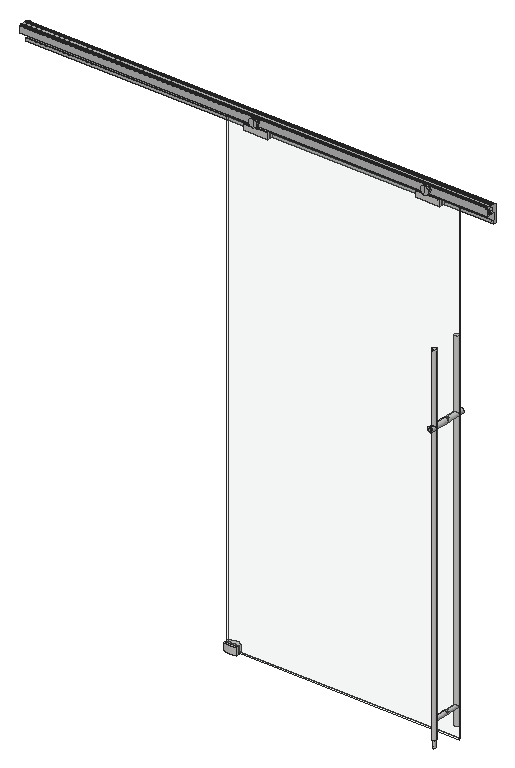
Revit family "Doors_Sliding_Avanti_Systems_Cloud-Assisted-Close-Premium-Sliding-Glass-Door_Glass-Mount-Sgl-Glazed", category Doors, Revit 2015 (continued)
Definition of nested family "Handle"
  Definition of nested family "Handle_For-Glass_Rounded_600mm"
    Reference planes (in)
      plane 4: z = 0
      plane 5: z = -2.66749
      plane 6: y = -28.44876
      plane 7: y = 14.63423
      plane 8: y = -33.36577
    Forms (in)
      Sweep 1, solid, material <- "Handle Material"
        path origin (0, -17.24158, 0) x (0, 0, 1) y (0, -1, 0)
          loop
            line (-2.10925, 11.20718) -> (0, 11.20718)
        profile origin (0, -28.44876, 0) x (0, -1, 0) y (1, 0, 0)
          loop
            circle (0, 0) r 0.3125
      Sweep 2, solid, material <- "Handle Material"
        path origin (0, 10.76459, 0) x (0, 0, 1) y (0, -1, 0)
          loop
            line (-2.30394, 1.07019) -> (0, 1.07019)
        profile origin (0, 9.69441, 0) x (0, -1, 0) y (1, 0, 0)
          loop
            circle (0, 0) r 0.3125
      Extrusion 3, solid, material <- "Handle Material"
        sketch origin (0, -17.24158, 0) x (1, 0, 0) y (0, 0, -1)
          loop
            circle (0, 2.27257) r 0.39445
        from -16.12419 to 31.87581
    Dimensions and locks (in)
      locked: plane 8 to plane 6 at 4.91701
      "Handle Height": plane 7 to plane 8
      aligned and locked: plane 7 to Extrusion 3
      aligned and locked: Extrusion 3 to plane 8
  Definition of nested family "Handle_For-Glass_Rounded_60in"
    Parameters (values of type "60"")
      No locker [instance] = yes
      Locker [instance] = yes
      Handle Material [instance] = none
      Handle Height [instance] = 60"  # constant formula
    Reference planes (in)
      plane 1 "Center (Front/Back)": y = 0
      plane 2: z = 19.87581
      plane 3 "Center (Left/Right)": x = 0
      plane 4: z = 2.66749
      plane 5: y = -36.97039
      plane 6: z = 0
      plane 7: y = 20.02961
      plane 8: y = -39.97039
    Forms (in)
      Sweep 1, solid, material <- "Handle Material"
        path origin (0, -11.8462, 0) x (0, 0, -1) y (0, 1, 0)
          loop
            line (-2.10925, -25.12419) -> (0, -25.12419)
        profile origin (0, -36.97039, 0) x (1, 0, 0) y (0, 1, 0)
          loop
            circle (0, 0) r 0.3125
      Sweep 2, solid, material <- "Handle Material"
        path origin (0, 16.15997, 0) x (0, 0, -1) y (0, 1, 0)
          loop
            line (-3.10757, -8.13036) -> (0, -8.13036)
        profile origin (0, 8.02961, 0) x (1, 0, 0) y (0, 1, 0)
          loop
            circle (0, 0) r 0.4375
      Extrusion 3, solid, material <- "Handle Material"
        sketch origin (0, -11.8462, 0) x (1, 0, 0) y (0, 0, -1)
          loop
            circle (0, -2.27257) r 0.39445
        from -28.12419 to 31.87581
      Revolve 4, solid, material <- "Handle Material"
        sketch origin (0, -11.8462, 0) x (0, 0, -1) y (0, 1, 0)
          loop
            line (-3.10757, 20.0489) -> (-3.19084, 20.0489) -> (-3.19084, 19.87581) -> (-3.10757, 19.87581) -> (-3.10757, 20.0489)
          axis (-3.10757, 19.87581) -> (-3.19084, 19.87581)
        angle from 0 to 360
      Extrusion 5, solid, material <- "Handle Material", visible <- "Locker"
        sketch origin (0, -11.8462, 0) x (0, 0, -1) y (0, 1, 0)
          loop
            line (-3.19084, 19.98905) -> (-3.34908, 19.98905)
            arc (-3.34908, 19.98905) -> (-3.37904, 19.97664) -> (-3.39145, 19.94668) r 0.04237
            line (-3.39145, 19.94668) -> (-3.39145, 19.80495)
            arc (-3.39145, 19.80495) -> (-3.37904, 19.77499) -> (-3.34908, 19.76258) r 0.04237
            line (-3.34908, 19.76258) -> (-3.19084, 19.76258) -> (-3.19084, 19.98905)
        from -0.03592 to 0.03621
      Revolve 6, solid, material <- "Handle Material", visible <- "No locker"
        sketch origin (0, -11.62359, 0) x (0, 0, -1) y (0, 1, 0)
          loop
            line (-3.10757, 20.0489) -> (-3.20833, 20.0489) -> (-3.20833, 19.87581) -> (-3.10757, 19.87581) -> (-3.10757, 20.0489)
          axis (-3.10757, 19.87581) -> (-3.20833, 19.87581)
        angle from 0 to 360
      Revolve 7, solid, material <- "Handle Material", visible <- "Locker"
        sketch origin (0, -11.8462, 0) x (0, 0, -1) y (0, 1, 0)
          loop
            line (-2.27257, -28.12419) -> (-2.50833, -28.12419) -> (-2.50833, -29.32199) -> (-2.41048, -29.49919) -> (-2.27257, -29.49919) -> (-2.27257, -28.12419)
          axis (-2.27257, -28.12419) -> (-2.27257, -29.49919)
        angle from 0 to 360
    Lines and regions (in)
      reference lines
        curve 1: line (0, -40.47039, 2.66749) -> (0, -40.47039, 0)
    Dimensions and locks (in)
      locked: plane 8 to plane 5 at 3
      "Handle Height": plane 7 to plane 8
      aligned and locked: Extrusion 3 to plane 7
      aligned and locked: Extrusion 3 to plane 8
      aligned and locked: Sweep 1 sketch curve to plane 5
  Definition of nested family "Handle_For-Glass_Rounded_60in2"
    Parameters (values of type "60"")
      No locker [instance] = yes
      Locker [instance] = yes
      Handle Material [instance] = none
      Handle Height [instance] = 60"  # constant formula
    Reference planes (in)
      plane 1 "Center (Front/Back)": y = 0
      plane 2: z = 19.87581
      plane 3 "Center (Left/Right)": x = 0
      plane 4: y = -36.97039
      plane 5: z = 0
      plane 6: y = 20.02961
      plane 7: y = -39.97039
      plane 8: z = -2.66749
    Forms (in)
      Sweep 1, solid, material <- "Handle Material"
        path origin (0, -11.8462, 0) x (0, 0, 1) y (0, 1, 0)
          loop
            line (-2.10925, -25.12419) -> (0, -25.12419)
        profile origin (0, -36.97039, 0) x (0, -1, 0) y (1, 0, 0)
          loop
            circle (0, 0) r 0.3125
      Sweep 2, solid, material <- "Handle Material"
        path origin (0, 16.15997, 0) x (0, 0, 1) y (0, 1, 0)
          loop
            line (-3.10757, -8.13036) -> (0, -8.13036)
        profile origin (0, 8.02961, 0) x (0, -1, 0) y (1, 0, 0)
          loop
            circle (0, 0) r 0.4375
      Extrusion 3, solid, material <- "Handle Material"
        sketch origin (0, -11.8462, 0) x (1, 0, 0) y (0, 0, -1)
          loop
            circle (0, 2.27257) r 0.39445
        from -28.12419 to 31.87581
      Revolve 4, solid, material <- "Handle Material"
        sketch origin (0, -11.8462, 0) x (0, 0, 1) y (0, 1, 0)
          loop
            line (-3.10757, 20.0489) -> (-3.19084, 20.0489) -> (-3.19084, 19.87581) -> (-3.10757, 19.87581) -> (-3.10757, 20.0489)
          axis (-3.10757, 19.87581) -> (-3.19084, 19.87581)
        angle from 0 to 360
      Extrusion 5, solid, material <- "Handle Material", visible <- "Locker"
        sketch origin (0, -11.8462, 0) x (0, 0, 1) y (0, -1, 0)
          loop
            line (-3.19084, -19.98905) -> (-3.19084, -19.76258) -> (-3.34908, -19.76258)
            arc (-3.34908, -19.76258) -> (-3.37904, -19.77499) -> (-3.39145, -19.80495) r 0.04237
            line (-3.39145, -19.80495) -> (-3.39145, -19.94668)
            arc (-3.39145, -19.94668) -> (-3.37904, -19.97664) -> (-3.34908, -19.98905) r 0.04237
            line (-3.34908, -19.98905) -> (-3.19084, -19.98905)
        from -0.03592 to 0.03621
      Revolve 6, solid, material <- "Handle Material", visible <- "No locker"
        sketch origin (0, -11.62359, 0) x (0, 0, 1) y (0, 1, 0)
          loop
            line (-3.10757, 20.0489) -> (-3.20833, 20.0489) -> (-3.20833, 19.87581) -> (-3.10757, 19.87581) -> (-3.10757, 20.0489)
          axis (-3.10757, 19.87581) -> (-3.20833, 19.87581)
        angle from 0 to 360
      Revolve 7, solid, material <- "Handle Material", visible <- "Locker"
        sketch origin (0, -11.8462, 0) x (0, 0, 1) y (0, 1, 0)
          loop
            line (-2.27257, -28.12419) -> (-2.50833, -28.12419) -> (-2.50833, -29.32199) -> (-2.41048, -29.49919) -> (-2.27257, -29.49919) -> (-2.27257, -28.12419)
          axis (-2.27257, -28.12419) -> (-2.27257, -29.49919)
        angle from 0 to 360
    Lines and regions (in)
      reference lines
        curve 1: line (0, -40.47039, -2.66749) -> (0, -40.47039, 0)
    Dimensions and locks (in)
      locked: plane 7 to plane 4 at 3
      "Handle Height": plane 6 to plane 7
Definition of nested family "Trolley"
  Parameters (values of type "Family9")
    Thickness = 1/2"
    Side Width = (211/256" - Thickness) / 2  # 0.16211"
  Reference planes (in)
    plane 1 "Center (Front/Back)": y = 0
    plane 2: z = 0
    plane 3 "Center (Left/Right)": x = 0
    plane 4: x = -0.04013
  Lines and regions (in)
    model lines, in view "Ref. Level"
      curve 1: arc (-0.2825, 0.12022, 0) -> (-0.28668, 0.12104, 0) -> (-0.29068, 0.11957, 0) r 0.00786
      curve 2: arc (-0.33049, 0.09064, 0) -> (-0.32538, 0.08057, 0) -> (-0.32836, 0.06967, 0) r 0.0157
      curve 3: arc (-0.32836, 0.06967, 0) -> (-0.33789, 0.0636, 0) -> (-0.34903, 0.0655, 0) r 0.0157
      curve 4: arc (-0.34903, 0.0655, 0) -> (-0.356, 0.07439, 0) -> (-0.3552, 0.08566, 0) r 0.01571
      curve 5: arc (-0.313, 0.99934, 0) -> (-0.30945, 0.99723, 0) -> (-0.30532, 0.99722, 0) r 0.00782
      curve 6: arc (-0.26743, 1.00737, 0) -> (-0.26114, 1.01157, 0) -> (-0.2587, 1.01873, 0) r 0.01177
      curve 7: arc (-0.2587, 1.02833, 0) -> (-0.2596, 1.03284, 0) -> (-0.26215, 1.03666, 0) r 0.01176
      curve 8: arc (-0.26215, 1.03666, 0) -> (-0.26597, 1.03921, 0) -> (-0.27048, 1.04011, 0) r 0.01176
      curve 9: arc (-0.28547, 1.04011, 0) -> (-0.28908, 1.04098, 0) -> (-0.29188, 1.04342, 0) r 0.00785
      curve 10: arc (-0.29188, 1.04342, 0) -> (-0.29324, 1.04687, 0) -> (-0.29287, 1.05056, 0) r 0.00788
      curve 11: arc (-0.26794, 1.12119, 0) -> (-0.26078, 1.13066, 0) -> (-0.24946, 1.13426, 0) r 0.01959
      curve 12: arc (0.16445, 1.13426, 0) -> (0.17577, 1.13066, 0) -> (0.18294, 1.12119, 0) r 0.0196
      curve 13: arc (0.20786, 1.05057, 0) -> (0.20823, 1.04687, 0) -> (0.20686, 1.04342, 0) r 0.00784
      curve 14: arc (0.20686, 1.04342, 0) -> (0.20406, 1.04098, 0) -> (0.20046, 1.04011, 0) r 0.00781
      curve 15: arc (0.18546, 1.04011, 0) -> (0.18096, 1.03921, 0) -> (0.17715, 1.03666, 0) r 0.01173
      curve 16: arc (0.17715, 1.03666, 0) -> (0.1746, 1.03284, 0) -> (0.1737, 1.02833, 0) r 0.01176
      curve 17: arc (0.1737, 1.01873, 0) -> (0.17613, 1.01157, 0) -> (0.18243, 1.00737, 0) r 0.01177
      curve 18: arc (0.22032, 0.99722, 0) -> (0.22444, 0.99723, 0) -> (0.22799, 0.99933, 0) r 0.00782
      curve 19: arc (0.52132, 0.21601, 0) -> (0.49404, 0.21155, 0) -> (0.4718, 0.19513, 0) r 0.05889
      curve 20: arc (0.27018, 0.08566, 0) -> (0.271, 0.07439, 0) -> (0.26403, 0.0655, 0) r 0.01569
      curve 21: arc (0.26403, 0.0655, 0) -> (0.25289, 0.0636, 0) -> (0.24336, 0.06967, 0) r 0.0157
      curve 22: arc (0.24336, 0.06967, 0) -> (0.24038, 0.08057, 0) -> (0.24549, 0.09064, 0) r 0.0157
      curve 23: arc (0.20568, 0.11957, 0) -> (0.20168, 0.12104, 0) -> (0.1975, 0.12022, 0) r 0.00786
      curve 24: arc (0.1975, 0.12022, 0) -> (0.19438, 0.11732, 0) -> (0.19322, 0.11322, 0) r 0.00786
      curve 25: arc (0.58274, 0.02928, 0) -> (0.59239, 0.03476, 0) -> (0.60342, 0.03597, 0) r 0.02744
      curve 26: arc (0.60342, 0.03597, 0) -> (0.61403, 0.03272, 0) -> (0.62249, 0.02554, 0) r 0.02742
      curve 27: arc (-0.57127, 1.12367, 0) -> (-0.58582, 1.12454, 0) -> (-0.59686, 1.13406, 0) r 0.02276
      curve 28: arc (-0.60372, 1.14568, 0) -> (-0.61799, 1.15798, 0) -> (-0.6368, 1.1591, 0) r 0.02941
      curve 29: arc (-0.6368, 1.1591, 0) -> (-0.65243, 1.14858, 0) -> (-0.65847, 1.13073, 0) r 0.0294
      curve 30: arc (-0.65847, 0.03882, 0) -> (-0.65411, 0.02544, 0) -> (-0.64271, 0.01718, 0) r 0.02273
      curve 31: arc (-0.64271, 0.01718, 0) -> (-0.62862, 0.01722, 0) -> (-0.61725, 0.02554, 0) r 0.02277
      curve 32: arc (-0.61725, 0.02554, 0) -> (-0.6088, 0.03272, 0) -> (-0.59819, 0.03597, 0) r 0.0274
      curve 33: arc (-0.59819, 0.03597, 0) -> (-0.58715, 0.03476, 0) -> (-0.5775, 0.02927, 0) r 0.02746
      curve 34: arc (-0.27831, 0.11205, 0) -> (-0.27909, 0.11681, 0) -> (-0.2825, 0.12022, 0) r 0.00786
      curve 35: arc (0.55629, 1.27597, 0) -> (0.55247, 1.27852, 0) -> (0.54796, 1.27942, 0) r 0.01177
      curve 36: arc (0.51266, 1.27942, 0) -> (0.50815, 1.27852, 0) -> (0.50433, 1.27597, 0) r 0.01178
      curve 37: arc (0.50433, 1.27597, 0) -> (0.50178, 1.27215, 0) -> (0.50088, 1.26764, 0) r 0.01177
      curve 38: arc (0.50088, 1.09535, 0) -> (0.50004, 1.09182, 0) -> (0.49771, 1.08905, 0) r 0.00784
      curve 39: arc (0.49771, 1.08905, 0) -> (0.49437, 1.08761, 0) -> (0.49075, 1.08785, 0) r 0.0078
      curve 40: arc (0.26301, 1.27156, 0) -> (0.25872, 1.27725, 0) -> (0.25192, 1.27942, 0) r 0.01175
      curve 41: arc (0.23097, 1.27942, 0) -> (0.22336, 1.27664, 0) -> (0.21935, 1.2696, 0) r 0.01178
      curve 42: arc (0.21935, 1.2696, 0) -> (0.21534, 1.26258, 0) -> (0.20775, 1.2598, 0) r 0.01176
      curve 43: arc (0.06735, 1.2598, 0) -> (0.05975, 1.26258, 0) -> (0.05574, 1.26962, 0) r 0.01178
      curve 44: arc (0.05574, 1.26962, 0) -> (0.05173, 1.27664, 0) -> (0.04414, 1.27942, 0) r 0.01176
      curve 45: arc (-0.12881, 1.27942, 0) -> (-0.13332, 1.27852, 0) -> (-0.13714, 1.27597, 0) r 0.01178
      curve 46: arc (-0.13714, 1.27597, 0) -> (-0.13969, 1.27214, 0) -> (-0.14058, 1.26764, 0) r 0.01181
      curve 47: arc (-0.48495, 1.0705, 0) -> (-0.48884, 1.07003, 0) -> (-0.49247, 1.0715, 0) r 0.00786
      curve 48: arc (-0.49247, 1.0715, 0) -> (-0.49481, 1.07427, 0) -> (-0.49565, 1.0778, 0) r 0.00782
      curve 49: arc (-0.49565, 1.26764, 0) -> (-0.49655, 1.27215, 0) -> (-0.49911, 1.27597, 0) r 0.01177
      curve 50: arc (-0.49911, 1.27597, 0) -> (-0.50292, 1.27852, 0) -> (-0.50743, 1.27942, 0) r 0.01176
      curve 51: arc (-0.54273, 1.27942, 0) -> (-0.54724, 1.27852, 0) -> (-0.55106, 1.27597, 0) r 0.01178
      curve 52: arc (-0.55106, 1.27597, 0) -> (-0.55361, 1.27215, 0) -> (-0.55451, 1.26764, 0) r 0.0118
      curve 53: arc (-0.55451, 1.14563, 0) -> (-0.55918, 1.13182, 0) -> (-0.57127, 1.12367, 0) r 0.02275
      curve 54: arc (-0.14058, 1.25588, 0) -> (-0.14403, 1.24755, 0) -> (-0.15236, 1.2441, 0) r 0.01178
      curve 55: arc (-0.24652, 1.2441, 0) -> (-0.25102, 1.245, 0) -> (-0.25484, 1.24755, 0) r 0.01176
      curve 56: arc (-0.25484, 1.24755, 0) -> (-0.2574, 1.25137, 0) -> (-0.25829, 1.25588, 0) r 0.01178
      curve 57: arc (-0.25829, 1.26764, 0) -> (-0.25919, 1.27215, 0) -> (-0.26174, 1.27597, 0) r 0.0118
      curve 58: arc (-0.26174, 1.27597, 0) -> (-0.26556, 1.27852, 0) -> (-0.27007, 1.27942, 0) r 0.01178
      curve 59: arc (-0.29116, 1.27942, 0) -> (-0.29796, 1.27726, 0) -> (-0.30226, 1.27156, 0) r 0.01176
      curve 60: arc (0.55629, 1.27597, 0) -> (0.55885, 1.27215, 0) -> (0.55974, 1.26764, 0) r 0.01177
      curve 61: arc (0.55974, 1.14562, 0) -> (0.56441, 1.13181, 0) -> (0.5765, 1.12367, 0) r 0.02274
      curve 62: arc (0.5765, 1.12367, 0) -> (0.59105, 1.12454, 0) -> (0.60208, 1.13406, 0) r 0.02275
      curve 63: arc (0.60894, 1.14568, 0) -> (0.62322, 1.15798, 0) -> (0.64204, 1.1591, 0) r 0.02941
      curve 64: arc (0.64204, 1.1591, 0) -> (0.65767, 1.14858, 0) -> (0.66371, 1.13072, 0) r 0.02941
      curve 65: arc (0.66371, 0.03884, 0) -> (0.65935, 0.02544, 0) -> (0.64793, 0.01718, 0) r 0.02274
      curve 66: arc (0.64793, 0.01718, 0) -> (0.63385, 0.01722, 0) -> (0.62249, 0.02554, 0) r 0.02275
      curve 67: line (-0.29068, 0.11957, 0) -> (-0.33049, 0.09064, 0)
      curve 68: line (-0.3552, 0.08566, 0) -> (-0.49989, 0.12715, 0)
      curve 69: line (-0.49989, 0.12715, 0) -> (-0.58001, 0.22263, 0)
      curve 70: line (-0.58001, 0.22263, 0) -> (-0.58393, 0.22892, 0)
      curve 71: line (-0.58393, 0.93514, 0) -> (-0.55667, 0.9624, 0)
      curve 72: line (-0.55667, 0.9624, 0) -> (-0.341, 1.02833, 0)
      curve 73: line (-0.341, 1.02833, 0) -> (-0.313, 0.99934, 0)
      curve 74: line (-0.30532, 0.99722, 0) -> (-0.26743, 1.00737, 0)
      curve 75: line (-0.2587, 1.01873, 0) -> (-0.2587, 1.02833, 0)
      curve 76: line (-0.27048, 1.04011, 0) -> (-0.28547, 1.04011, 0)
      curve 77: line (-0.29287, 1.05056, 0) -> (-0.26794, 1.12119, 0)
      curve 78: line (-0.24946, 1.13426, 0) -> (0.16445, 1.13426, 0)
      curve 79: line (0.18294, 1.12119, 0) -> (0.20786, 1.05057, 0)
      curve 80: line (0.20046, 1.04011, 0) -> (0.18546, 1.04011, 0)
      curve 81: line (0.1737, 1.02833, 0) -> (0.1737, 1.01873, 0)
      curve 82: line (0.18243, 1.00737, 0) -> (0.22032, 0.99722, 0)
      curve 83: line (0.22799, 0.99933, 0) -> (0.25599, 1.02833, 0)
      curve 84: line (0.25599, 1.02833, 0) -> (0.47101, 0.96259, 0)
      curve 85: line (0.47101, 0.96259, 0) -> (0.50677, 0.96259, 0)
      curve 86: line (0.50677, 0.96259, 0) -> (0.53424, 0.93514, 0)
      curve 87: line (0.53424, 0.22892, 0) -> (0.52132, 0.21601, 0)
      curve 88: line (0.4718, 0.19513, 0) -> (0.41471, 0.1271, 0)
      curve 89: line (0.41471, 0.1271, 0) -> (0.27018, 0.08566, 0)
      curve 90: line (0.24549, 0.09064, 0) -> (0.20568, 0.11957, 0)
      curve 91: line (0.19322, 0.11322, 0) -> (0.19322, 0.05728, 0)
      curve 92: line (0.19322, 0.05728, 0) -> (0.26175, -0.01531, 0)
      curve 93: line (0.26175, -0.01531, 0) -> (0.53168, -0.01531, 0)
      curve 94: line (0.53168, -0.01531, 0) -> (0.58274, 0.02928, 0)
      curve 95: line (-0.59686, 1.13406, 0) -> (-0.60372, 1.14568, 0)
      curve 96: line (-0.65847, 1.19047, 0) -> (-0.65847, -0.03351, 0)
      curve 97: line (-0.5775, 0.02927, 0) -> (-0.53088, -0.01161, 0)
      curve 98: line (-0.53088, -0.01161, 0) -> (-0.34689, -0.01531, 0)
      curve 99: line (-0.34689, -0.01531, 0) -> (-0.27831, 0.05327, 0)
      curve 100: line (-0.27831, 0.05327, 0) -> (-0.27831, 0.11205, 0)
      curve 101: line (0.54796, 1.27942, 0) -> (0.51266, 1.27942, 0)
      curve 102: line (0.50088, 1.26764, 0) -> (0.50088, 1.09535, 0)
      curve 103: line (0.49075, 1.08785, 0) -> (0.30814, 1.14368, 0)
      curve 104: line (0.30814, 1.14368, 0) -> (0.26301, 1.27156, 0)
      curve 105: line (0.25192, 1.27942, 0) -> (0.23097, 1.27942, 0)
      curve 106: line (0.20775, 1.2598, 0) -> (0.06735, 1.2598, 0)
      curve 107: line (0.04414, 1.27942, 0) -> (-0.12881, 1.27942, 0)
      curve 108: line (-0.14058, 1.26764, 0) -> (-0.14058, 1.25588, 0)
      curve 109: line (-0.49565, 1.0778, 0) -> (-0.49565, 1.26764, 0)
      curve 110: line (-0.50743, 1.27942, 0) -> (-0.54273, 1.27942, 0)
      curve 111: line (-0.55451, 1.26764, 0) -> (-0.55451, 1.14563, 0)
      curve 112: line (-0.15236, 1.2441, 0) -> (-0.24652, 1.2441, 0)
      curve 113: line (-0.25829, 1.25588, 0) -> (-0.25829, 1.26764, 0)
      curve 114: line (-0.27007, 1.27942, 0) -> (-0.29116, 1.27942, 0)
      curve 115: line (-0.30226, 1.27156, 0) -> (-0.3597, 1.10877, 0)
      curve 116: line (-0.3597, 1.10877, 0) -> (-0.48495, 1.0705, 0)
      curve 117: line (0.55974, 1.26764, 0) -> (0.55974, 1.14562, 0)
      curve 118: line (0.60208, 1.13406, 0) -> (0.60894, 1.14568, 0)
      curve 119: line (0.66371, 1.13072, 0) -> (0.66371, 0.03884, 0)
      curve 120: line (0.1189, 0.97126, 0) -> (0.1189, 0.94444, 0)
      curve 121: line (0.07255, -0.06751, 0) -> (0.1028, -0.0876, 0)
      curve 122: line (0.1028, -0.0876, 0) -> (0.07707, -0.10712, 0)
      curve 123: line (0.07707, -0.10712, 0) -> (0.103, -0.12286, 0)
      curve 124: line (0.103, -0.12286, 0) -> (0.0766, -0.14279, 0)
      curve 125: line (0.0766, -0.14279, 0) -> (0.10211, -0.15841, 0)
      curve 126: line (0.10211, -0.15841, 0) -> (0.07759, -0.17634, 0)
      curve 127: line (0.07759, -0.17634, 0) -> (0.10233, -0.192, 0)
      curve 128: line (0.10233, -0.192, 0) -> (0.07822, -0.21116, 0)
      curve 129: line (0.07822, -0.21116, 0) -> (0.10275, -0.22793, 0)
      curve 130: line (0.10275, -0.22793, 0) -> (0.0781, -0.24679, 0)
      curve 131: line (0.0781, -0.24679, 0) -> (0.10256, -0.26303, 0)
      curve 132: line (0.10256, -0.26303, 0) -> (0.07682, -0.28255, 0)
      curve 133: line (0.07682, -0.28255, 0) -> (0.10275, -0.2983, 0)
      curve 134: line (0.10275, -0.2983, 0) -> (0.07634, -0.31823, 0)
      curve 135: line (0.07634, -0.31823, 0) -> (0.10186, -0.33383, 0)
      curve 136: line (0.10186, -0.33383, 0) -> (0.07842, -0.34937, 0)
      curve 137: line (-0.16213, -0.34937, 0) -> (-0.18497, -0.33356, 0)
      curve 138: line (-0.18497, -0.33356, 0) -> (-0.16047, -0.31192, 0)
      curve 139: line (-0.16047, -0.31192, 0) -> (-0.18505, -0.29716, 0)
      curve 140: line (-0.18505, -0.29716, 0) -> (-0.16156, -0.27779, 0)
      curve 141: line (-0.1626, -0.27446, 0) -> (-0.18499, -0.2613, 0)
      curve 142: line (-0.18499, -0.2613, 0) -> (-0.16168, -0.24085, 0)
      curve 143: line (-0.16168, -0.24085, 0) -> (-0.18505, -0.22594, 0)
      curve 144: line (-0.18505, -0.22594, 0) -> (-0.16133, -0.20517, 0)
      curve 145: line (-0.16133, -0.20517, 0) -> (-0.18499, -0.19145, 0)
      curve 146: line (-0.18499, -0.19145, 0) -> (-0.16131, -0.17432, 0)
      curve 147: line (-0.16385, -0.17257, 0) -> (0.0766, -0.14279, 0)
      curve 148: line (-0.16131, -0.17432, 0) -> (-0.18472, -0.15812, 0)
      curve 149: line (-0.18472, -0.15812, 0) -> (-0.16022, -0.13648, 0)
      curve 150: line (-0.16022, -0.13648, 0) -> (-0.1848, -0.12172, 0)
      curve 151: line (-0.1848, -0.12172, 0) -> (-0.15939, -0.10076, 0)
      curve 152: line (-0.15939, -0.10076, 0) -> (-0.18475, -0.08586, 0)
      curve 153: line (-0.18475, -0.08586, 0) -> (-0.16369, -0.06763, 0)
      curve 154: line (-0.15964, -0.27619, 0) -> (0.07651, -0.24698, 0)
      curve 155: line (0.07651, -0.24698, 0) -> (-0.16406, -0.27674, 0)
      curve 156: line (-0.16132, -0.20518, 0) -> (0.07645, -0.17562, 0)
      curve 157: line (-0.1604, -0.34754, 0) -> (0.07634, -0.31822, 0)
      curve 158: line (0.07634, -0.31822, 0) -> (-0.1604, -0.34754, 0)
      curve 159: line (0.07654, -0.28259, 0) -> (-0.16047, -0.31192, 0)
      curve 160: line (-0.16047, -0.31192, 0) -> (0.07654, -0.28259, 0)
      curve 161: line (0.07648, -0.21138, 0) -> (-0.16168, -0.24085, 0)
      curve 162: line (-0.16168, -0.24085, 0) -> (0.07648, -0.21138, 0)
      curve 163: line (-0.15939, -0.10075, 0) -> (0.07677, -0.07154, 0)
      curve 164: line (0.07677, -0.07154, 0) -> (-0.15939, -0.10075, 0)
      curve 165: line (0.07681, -0.10715, 0) -> (-0.16022, -0.13648, 0)
      curve 166: line (-0.16022, -0.13648, 0) -> (0.07681, -0.10715, 0)
      curve 167: line (-0.3324, 0.1043, 0) -> (-0.36181, 0.1043, 0)
      curve 168: line (-0.36181, 0.1043, 0) -> (-0.36181, 0.52802, 0)
      curve 169: line (-0.36181, 0.52802, 0) -> (-0.36181, 0.95175, 0)
      curve 170: line (-0.36181, 0.95175, 0) -> (-0.3324, 0.95175, 0)
      curve 171: line (-0.3324, 0.95175, 0) -> (-0.25394, 0.87329, 0)
      curve 172: line (-0.25394, 0.87329, 0) -> (-0.25394, 0.18276, 0)
      curve 173: line (-0.25394, 0.18276, 0) -> (-0.3324, 0.1043, 0)
      curve 174: line (-0.3324, 0.1043, 0) -> (-0.3324, 0.52802, 0)
      curve 175: line (-0.3324, 0.52802, 0) -> (-0.3324, 0.95175, 0)
      curve 176: line (-0.36181, 0.1043, 0) -> (-0.49687, 0.15034, 0)
      curve 177: line (-0.49687, 0.15034, 0) -> (-0.49687, 0.90294, 0)
      curve 178: line (-0.49687, 0.90294, 0) -> (-0.36182, 0.95175, 0)
      curve 179: line (0.25218, 0.1043, 0) -> (0.28159, 0.1043, 0)
      curve 180: line (0.28159, 0.1043, 0) -> (0.25218, 0.1043, 0)
      curve 181: line (0.25218, 0.1043, 0) -> (0.17371, 0.18276, 0)
      curve 182: line (0.17371, 0.18276, 0) -> (0.17371, 0.87329, 0)
      curve 183: line (0.17371, 0.87329, 0) -> (0.25218, 0.95175, 0)
      curve 184: line (0.25218, 0.95175, 0) -> (0.28155, 0.95175, 0)
      curve 185: line (0.28155, 0.95175, 0) -> (0.25218, 0.95175, 0)
      curve 186: line (0.25218, 0.95175, 0) -> (0.25218, 0.52802, 0)
      curve 187: line (0.25218, 0.52802, 0) -> (0.25218, 0.1043, 0)
      curve 188: line (0.15254, 0.70472, 0) -> (0.16979, 0.70458, 0)
      curve 189: line (0.17371, 0.70458, 0) -> (0.17371, 0.35147, 0)
      curve 190: line (-0.25394, 0.70458, 0) -> (-0.23969, 0.70458, 0)
      curve 191: line (-0.21066, 0.94444, 0) -> (-0.21066, 0.97669, 0)
      curve 192: line (-0.21066, 0.97938, 0) -> (-0.21066, 0.98778, 0)
      curve 193: line (-0.21066, 0.99054, 0) -> (-0.21066, 1.00767, 0)
      curve 194: line (-0.21066, 1.00767, 0) -> (-0.04588, 1.01156, 0)
      curve 195: line (-0.04588, 1.01156, 0) -> (0.1189, 1.00868, 0)
      curve 196: line (0.1189, 1.00603, 0) -> (0.1189, 0.99054, 0)
      curve 197: line (0.1189, 0.89418, 0) -> (0.1189, 0.91364, 0)
      curve 198: line (0.02082, 0.73326, 0) -> (0.02082, 0.76032, 0)
      curve 199: line (0.02082, 0.76032, 0) -> (-0.11257, 0.76032, 0)
      curve 200: line (-0.11257, 0.76032, 0) -> (-0.11257, 0.73326, 0)
      curve 201: line (-0.37201, 0.94807, 0) -> (-0.3722, 0.95842, 0)
      curve 202: line (-0.3722, 0.95842, 0) -> (-0.27464, 0.95927, 0)
      curve 203: line (-0.27464, 0.95927, 0) -> (-0.21066, 0.95983, 0)
      curve 204: line (-0.21066, 0.78593, 0) -> (-0.21066, 0.7941, 0)
      curve 205: line (-0.21066, 0.7941, 0) -> (-0.21066, 0.88274, 0)
      curve 206: line (-0.21066, 0.88274, 0) -> (-0.21066, 0.98111, 0)
      curve 207: line (-0.21066, 0.98111, 0) -> (-0.21066, 0.99054, 0)
      curve 208: line (0.29612, 0.94636, 0) -> (0.29612, 0.95842, 0)
      curve 209: line (0.29612, 0.95842, 0) -> (0.28044, 0.95842, 0)
      curve 210: line (0.28044, 0.95842, 0) -> (0.18289, 0.95927, 0)
      curve 211: line (0.18289, 0.95927, 0) -> (0.18008, 0.87966, 0)
      curve 212: line (0.18008, 0.87966, 0) -> (0.18289, 0.95927, 0)
      curve 213: line (0.18289, 0.95927, 0) -> (0.1189, 0.95983, 0)
      curve 214: line (-0.27228, 0.89163, 0) -> (-0.27464, 0.95927, 0)
      curve 215: line (0.02082, 0.76032, 0) -> (0.17371, 0.76032, 0)
      curve 216: line (-0.25394, 0.76032, 0) -> (-0.11257, 0.76032, 0)
      curve 217: line (-0.21066, 0.76032, 0) -> (-0.21066, 0.78309, 0)
      curve 218: line (-0.21066, 0.78593, 0) -> (-0.21066, 0.76032, 0)
      curve 219: line (-0.04588, 0.76032, 0) -> (0.11016, 0.76032, 0)
      curve 220: line (-0.21066, 0.7941, 0) -> (-0.21066, 0.76936, 0)
      curve 221: line (0.1189, 0.79409, 0) -> (0.1189, 0.78594, 0)
      curve 222: line (0.1189, 0.78594, 0) -> (0.1189, 0.76032, 0)
      curve 223: line (-0.2036, 0.97266, 0) -> (-0.04588, 0.97633, 0)
      curve 224: line (-0.04588, 0.97633, 0) -> (0.11184, 0.97266, 0)
      curve 225: line (0.1189, 1.00868, 0) -> (0.1189, 0.88274, 0)
      curve 226: line (0.1189, 0.88274, 0) -> (0.1189, 0.79409, 0)
      curve 227: line (0.1189, 0.79409, 0) -> (0.1189, 0.76936, 0)
      curve 228: line (0.17371, 0.73326, 0) -> (0.15254, 0.73326, 0)
      curve 229: line (0.15254, 0.73326, 0) -> (-0.04358, 0.73326, 0)
      curve 230: line (-0.04358, 0.73326, 0) -> (-0.23969, 0.73326, 0)
      curve 231: line (-0.23969, 0.73326, 0) -> (-0.25394, 0.73326, 0)
      curve 232: line (-0.23969, 0.09571, 0) -> (-0.12199, 0.09571, 0)
      curve 233: line (-0.12199, 0.09571, 0) -> (-0.04362, 0.09571, 0)
      curve 234: line (-0.04362, 0.09571, 0) -> (0.03484, 0.09571, 0)
      curve 235: line (0.03484, 0.09571, 0) -> (0.15254, 0.09571, 0)
      curve 236: line (-0.23969, 0.73326, 0) -> (-0.23969, 0.71315, 0)
      curve 237: line (-0.23969, 0.71315, 0) -> (-0.23969, 0.68029, 0)
      curve 238: line (-0.23969, 0.71315, 0) -> (-0.04358, 0.71315, 0)
      curve 239: line (-0.04358, 0.71315, 0) -> (-0.04358, 0.68029, 0)
      curve 240: line (-0.04358, 0.68029, 0) -> (0.15254, 0.68029, 0)
      curve 241: line (0.15254, 0.68029, 0) -> (0.15254, 0.30597, 0)
      curve 242: line (0.15254, 0.30597, 0) -> (0.15254, 0.09571, 0)
      curve 243: line (0.15254, 0.09571, 0) -> (0.15254, -0.06751, 0)
      curve 244: line (0.15254, -0.06751, 0) -> (0.06477, -0.06751, 0)
      curve 245: line (0.03484, 0.09571, 0) -> (0.03484, -0.06751, 0)
      curve 246: line (0.03484, -0.06751, 0) -> (0.06477, -0.06751, 0)
      curve 247: line (0.06477, -0.06751, 0) -> (0.03484, -0.06751, 0)
      curve 248: line (0.03484, -0.06751, 0) -> (-0.04358, -0.06751, 0)
      curve 249: line (-0.04358, -0.06751, 0) -> (-0.12199, -0.06751, 0)
      curve 250: line (-0.12199, -0.06751, 0) -> (-0.12199, 0.09571, 0)
      curve 251: line (-0.12199, -0.06751, 0) -> (-0.15192, -0.06751, 0)
      curve 252: line (-0.15192, -0.06751, 0) -> (-0.23969, -0.06751, 0)
      curve 253: line (-0.23969, -0.06751, 0) -> (-0.23969, 0.09571, 0)
      curve 254: line (-0.23969, 0.09571, 0) -> (-0.23969, 0.30597, 0)
      curve 255: line (-0.23969, 0.30597, 0) -> (-0.23969, 0.68029, 0)
      curve 256: line (-0.23969, 0.68029, 0) -> (-0.04358, 0.68029, 0)
      curve 257: line (0.15254, 0.73326, 0) -> (0.15254, 0.71315, 0)
      curve 258: line (0.15254, 0.71315, 0) -> (0.15254, 0.68029, 0)
      curve 259: line (0.15254, 0.71315, 0) -> (-0.04358, 0.71315, 0)
      curve 260: line (-0.04358, 0.71315, 0) -> (-0.04358, 0.73326, 0)
      curve 261: line (0.28159, 0.95163, 0) -> (0.28159, 0.52802, 0)
      curve 262: line (0.28159, 0.52802, 0) -> (0.28159, 0.1043, 0)
      curve 263: line (0.28159, 0.1043, 0) -> (0.40899, 0.15031, 0)
      curve 264: line (0.40899, 0.15031, 0) -> (0.40899, 0.90538, 0)
      curve 265: line (0.23785, -0.54555, 0) -> (0.37151, -0.54555, 0)
      curve 266: line (0.37151, -0.54555, 0) -> (0.37151, -1.54623, 0)
      curve 267: line (0.37151, -1.54623, 0) -> (0.20941, -1.54623, 0)
      curve 268: line (0.20941, -1.54623, 0) -> (0.20941, -0.5456, 0)
      curve 269: line (0.23785, -0.54555, 0) -> (-0.31811, -0.54666, 0)
      curve 270: line (-0.4527, -0.54666, 0) -> (-0.31811, -0.54666, 0)
      curve 271: line (-0.29059, -0.5466, 0) -> (-0.29059, -1.54623, 0)
      curve 272: line (-0.29059, -1.54623, 0) -> (-0.4527, -1.54623, 0)
      curve 273: line (-0.4527, -1.54623, 0) -> (-0.4527, -0.54666, 0)
      curve 274: line (-0.29546, -0.50632, 0) -> (-0.29546, -0.34937, 0)
      curve 275: line (-0.29546, -0.34937, 0) -> (0.21458, -0.34937, 0)
      curve 276: line (0.21458, -0.34937, 0) -> (0.21458, -0.50632, 0)
      curve 277: line (-0.17776, -0.34937, 0) -> (-0.17776, -0.50632, 0)
      curve 278: line (0.09688, -0.34937, 0) -> (0.09688, -0.50632, 0)
      curve 279: line (-0.37393, -0.54666, 0) -> (-0.37393, -0.50632, 0)
      curve 280: line (-0.37393, -0.50632, 0) -> (0.21458, -0.50632, 0)
      curve 281: line (0.21458, -0.50632, 0) -> (0.29305, -0.50632, 0)
      curve 282: line (0.29305, -0.50632, 0) -> (0.29305, -0.54555, 0)
      curve 283: line (0.28159, 0.95163, 0) -> (0.40899, 0.90538, 0)
      curve 284: line (-1.11387, 1.06493, 0) -> (-0.7315, 1.06493, 0)
      curve 285: line (-0.7315, 1.06493, 0) -> (-0.7315, 0.09202, 0)
      curve 286: line (-0.7315, 0.09202, 0) -> (-1.11387, 0.09202, 0)
      curve 287: line (-1.11387, 0.09202, 0) -> (-1.11387, 1.06493, 0)
      curve 288: line (-1.11387, 1.06493, 0) -> (-1.23941, 1.20616, 0)
      curve 289: line (-1.23941, 1.20616, 0) -> (-1.23941, -0.04921, 0)
      curve 290: line (-1.23941, -0.04921, 0) -> (-1.11387, 0.09202, 0)
      curve 291: line (-0.7315, 1.06493, 0) -> (-0.7315, 1.19047, 0)
      curve 292: line (-0.7315, 1.19047, 0) -> (-0.65847, 1.19047, 0)
      curve 293: line (-0.7315, 0.09202, 0) -> (-0.7315, -0.03351, 0)
      curve 294: line (-0.7315, -0.03351, 0) -> (-0.65847, -0.03351, 0)
      curve 297: arc (0.97559, 0.20593, 0) -> (0.97409, 0.19842, 0) -> (0.96984, 0.19206, 0) r 0.01961
      curve 298: arc (0.96984, 0.19206, 0) -> (0.96348, 0.18781, 0) -> (0.95598, 0.18631, 0) r 0.01958
      curve 299: arc (0.91616, 0.18631, 0) -> (0.90419, 0.19038, 0) -> (0.8972, 0.2009, 0) r 0.01961
      curve 300: arc (0.8972, 0.2009, 0) -> (0.88505, 0.23001, 0) -> (0.86552, 0.25477, 0) r 0.11604
      curve 301: arc (0.86552, 0.25477, 0) -> (0.82679, 0.27938, 0) -> (0.78154, 0.28702, 0) r 0.11585
      curve 302: arc (0.78157, 0.28702, 0) -> (0.77081, 0.28339, 0) -> (0.76386, 0.27442, 0) r 0.01964
      curve 303: arc (0.76386, 0.27442, 0) -> (0.76179, 0.26352, 0) -> (0.76364, 0.25258, 0) r 0.03141
      curve 304: arc (0.76364, 0.25258, 0) -> (0.77048, 0.24056, 0) -> (0.78355, 0.23604, 0) r 0.01962
      curve 305: arc (0.78355, 0.23604, 0) -> (0.82016, 0.22587, 0) -> (0.84476, 0.19691, 0) r 0.06473
      curve 306: arc (0.84476, 0.19691, 0) -> (0.84887, 0.15913, 0) -> (0.83107, 0.12555, 0) r 0.06475
      curve 307: arc (0.83107, 0.12555, 0) -> (0.79749, 0.10775, 0) -> (0.75971, 0.11186, 0) r 0.06475
      curve 308: arc (0.75971, 0.11186, 0) -> (0.73075, 0.13647, 0) -> (0.72058, 0.17308, 0) r 0.06477
      curve 309: arc (0.72058, 0.17308, 0) -> (0.71607, 0.18614, 0) -> (0.70407, 0.19299, 0) r 0.01963
      curve 310: arc (0.70407, 0.19299, 0) -> (0.69311, 0.19483, 0) -> (0.6822, 0.19276, 0) r 0.03155
      curve 311: arc (0.6822, 0.19276, 0) -> (0.67306, 0.18556, 0) -> (0.6696, 0.17445, 0) r 0.01961
      curve 312: arc (0.6695, 0.02612, 0) -> (0.66376, 0.01227, 0) -> (0.64991, 0.00651, 0) r 0.01962
      curve 313: arc (0.60801, 0.015, 0) -> (0.59462, 0.02028, 0) -> (0.58123, 0.015, 0) r 0.01962
      curve 314: arc (0.54679, -0.01715, 0) -> (0.54449, -0.02115, 0) -> (0.54485, -0.02576, 0) r 0.00784
      curve 315: arc (0.54485, -0.02576, 0) -> (0.54773, -0.02936, 0) -> (0.55214, -0.03072, 0) r 0.00783
      curve 316: arc (0.66949, -0.03072, 0) -> (0.68451, -0.02774, 0) -> (0.69725, -0.01924, 0) r 0.03927
      curve 317: arc (0.69725, -0.01924, 0) -> (0.70574, -0.00651, 0) -> (0.70873, 0.0085, 0) r 0.03924
      curve 318: arc (0.70873, 0.06861, 0) -> (0.70985, 0.07264, 0) -> (0.71288, 0.07552, 0) r 0.00784
      curve 319: arc (0.71288, 0.07552, 0) -> (0.71697, 0.07644, 0) -> (0.72095, 0.07512, 0) r 0.00785
      curve 320: arc (0.72095, 0.07512, 0) -> (0.73404, 0.06755, 0) -> (0.748, 0.06175, 0) r 0.11571
      curve 321: arc (0.79313, 0.00851, 0) -> (0.79764, 0.00941, 0) -> (0.80146, 0.01195, 0) r 0.01181
      curve 322: arc (0.80146, 0.01195, 0) -> (0.80402, 0.01577, 0) -> (0.80491, 0.02028, 0) r 0.01178
      curve 323: arc (0.80491, 0.04774, 0) -> (0.8074, 0.05497, 0) -> (0.81379, 0.05916, 0) r 0.01178
      curve 324: arc (0.81379, 0.05916, 0) -> (0.85823, 0.08146, 0) -> (0.8892, 0.12035, 0) r 0.11573
      curve 325: arc (0.8892, 0.12035, 0) -> (0.89644, 0.12836, 0) -> (0.90681, 0.13132, 0) r 0.01961
      curve 326: arc (0.95596, 0.13132, 0) -> (0.96984, 0.12558, 0) -> (0.97559, 0.1117, 0) r 0.01963
      curve 327: arc (0.97559, -1.65499, 0) -> (0.97469, -1.65949, 0) -> (0.97213, -1.6633, 0) r 0.01173
      curve 328: arc (0.97213, -1.6633, 0) -> (0.96831, -1.66585, 0) -> (0.9638, -1.66675, 0) r 0.01178
      curve 329: arc (0.78333, -1.66675, 0) -> (0.77883, -1.66585, 0) -> (0.77501, -1.6633, 0) r 0.01176
      curve 330: arc (0.77501, -1.6633, 0) -> (0.77245, -1.65949, 0) -> (0.77156, -1.65499, 0) r 0.01173
      curve 331: arc (0.77156, -1.31367, 0) -> (0.76581, -1.2998, 0) -> (0.75194, -1.29406, 0) r 0.01962
      curve 332: arc (0.67348, -1.29406, 0) -> (0.66147, -1.29645, 0) -> (0.65128, -1.30326, 0) r 0.03139
      curve 333: arc (0.65128, -1.30326, 0) -> (0.64448, -1.31344, 0) -> (0.64209, -1.32545, 0) r 0.03139
      curve 334: arc (0.64209, -1.3897, 0) -> (0.64293, -1.39274, 0) -> (0.64522, -1.39491, 0) r 0.00588
      curve 335: arc (0.64522, -1.39491, 0) -> (0.6483, -1.39558, 0) -> (0.65129, -1.39457, 0) r 0.00591
      curve 336: arc (0.65129, -1.59767, 0) -> (0.6483, -1.59665, 0) -> (0.64522, -1.59732, 0) r 0.00591
      curve 337: arc (0.64522, -1.59732, 0) -> (0.64293, -1.59949, 0) -> (0.64209, -1.60253, 0) r 0.00587
      curve 338: arc (0.64209, -1.70602, 0) -> (0.6437, -1.71379, 0) -> (0.64825, -1.72029, 0) r 0.0196
      curve 339: arc (0.64825, -1.72029, 0) -> (0.65501, -1.72446, 0) -> (0.66287, -1.7256, 0) r 0.01957
      curve 340: arc (1.01483, -1.7256, 0) -> (1.02233, -1.7241, 0) -> (1.02869, -1.71985, 0) r 0.01957
      curve 341: arc (1.02869, -1.71985, 0) -> (1.03294, -1.71349, 0) -> (1.03443, -1.70598, 0) r 0.01961
      curve 342: arc (1.03443, 1.19259, 0) -> (1.02868, 1.20646, 0) -> (1.01481, 1.21221, 0) r 0.01962
      curve 343: arc (0.9952, 1.21221, 0) -> (0.98769, 1.21072, 0) -> (0.98132, 1.20647, 0) r 0.01963
      curve 344: arc (0.98132, 1.20647, 0) -> (0.97708, 1.20011, 0) -> (0.97558, 1.1926, 0) r 0.01961
      curve 345: arc (0.69793, 1.16199, 0) -> (0.67004, 1.19096, 0) -> (0.63115, 1.20121, 0) r 0.07454
      curve 346: arc (0.63115, 1.20121, 0) -> (0.59259, 1.18978, 0) -> (0.56558, 1.15997, 0) r 0.07454
      curve 347: arc (0.56558, 1.13845, 0) -> (0.56648, 1.13394, 0) -> (0.56903, 1.13012, 0) r 0.01178
      curve 348: arc (0.56903, 1.13012, 0) -> (0.57285, 1.12758, 0) -> (0.57736, 1.12668, 0) r 0.01181
      curve 349: arc (0.58467, 1.12668, 0) -> (0.59193, 1.12918, 0) -> (0.5961, 1.13563, 0) r 0.01177
      curve 350: arc (0.5961, 1.13563, 0) -> (0.61113, 1.15736, 0) -> (0.63679, 1.16367, 0) r 0.03728
      curve 351: arc (0.63679, 1.16367, 0) -> (0.66018, 1.15139, 0) -> (0.66955, 1.12668, 0) r 0.03726
      curve 352: line (0.68133, 1.10707, 0) -> (0.97559, 1.10707, 0)
      curve 353: line (0.97559, 1.10707, 0) -> (0.97559, 0.20593, 0)
      curve 354: line (0.95598, 0.18631, 0) -> (0.91616, 0.18631, 0)
      curve 355: line (0.66955, 0.17445, 0) -> (0.66955, 0.02612, 0)
      curve 356: line (0.64991, 0.00651, 0) -> (0.6202, 0.00651, 0)
      curve 357: line (0.6202, 0.00651, 0) -> (0.60801, 0.015, 0)
      curve 358: line (0.58123, 0.015, 0) -> (0.54679, -0.01715, 0)
      curve 359: line (0.55214, -0.03072, 0) -> (0.66949, -0.03072, 0)
      curve 360: line (0.70873, 0.0085, 0) -> (0.70873, 0.06861, 0)
      curve 361: line (0.748, 0.06175, 0) -> (0.77875, 0.00851, 0)
      curve 362: line (0.77875, 0.00851, 0) -> (0.79313, 0.00851, 0)
      curve 363: line (0.80491, 0.02028, 0) -> (0.80491, 0.04774, 0)
      curve 364: line (0.90681, 0.13132, 0) -> (0.95596, 0.13132, 0)
      curve 365: line (0.97559, 0.1117, 0) -> (0.97559, -1.65499, 0)
      curve 366: line (0.9638, -1.66675, 0) -> (0.78333, -1.66675, 0)
      curve 367: line (0.77156, -1.65499, 0) -> (0.77156, -1.31367, 0)
      curve 368: line (0.75194, -1.29406, 0) -> (0.67348, -1.29406, 0)
      curve 369: line (0.64209, -1.32545, 0) -> (0.64209, -1.3897, 0)
      curve 370: line (0.65129, -1.39457, 0) -> (0.67489, -1.37804, 0)
      curve 371: line (0.67489, -1.37804, 0) -> (0.67794, -1.33329, 0)
      curve 372: line (0.67794, -1.33329, 0) -> (0.72449, -1.33329, 0)
      curve 373: line (0.72449, -1.33329, 0) -> (0.72449, -1.65893, 0)
      curve 374: line (0.72449, -1.65893, 0) -> (0.6774, -1.65893, 0)
      curve 375: line (0.6774, -1.65893, 0) -> (0.6774, -1.61901, 0)
      curve 376: line (0.6774, -1.61901, 0) -> (0.65129, -1.59767, 0)
      curve 377: line (0.64209, -1.60253, 0) -> (0.64209, -1.70602, 0)
      curve 378: line (0.66287, -1.7256, 0) -> (1.01483, -1.7256, 0)
      curve 379: line (1.03443, -1.70598, 0) -> (1.03443, 1.19259, 0)
      curve 380: line (1.01481, 1.21221, 0) -> (0.9952, 1.21221, 0)
      curve 381: line (0.97559, 1.1926, 0) -> (0.97559, 1.16199, 0)
      curve 382: line (0.97559, 1.16199, 0) -> (0.69793, 1.16199, 0)
      curve 383: line (0.56558, 1.15997, 0) -> (0.56558, 1.13845, 0)
      curve 384: line (0.57736, 1.12668, 0) -> (0.58467, 1.12668, 0)
      curve 385: line (0.66955, 1.12668, 0) -> (0.66955, 1.11883, 0)
      curve 386: arc (0.66955, 1.11883, 0) -> (0.67045, 1.11432, 0) -> (0.673, 1.11051, 0) r 0.01176
      curve 387: arc (0.673, 1.11051, 0) -> (0.67682, 1.10796, 0) -> (0.68133, 1.10707, 0) r 0.01181
    detail lines, in view "Ref. Level"
      curve 295: line (-0.58393, 0.93514, 0) -> (-0.58393, 0.22892, 0)
      curve 296: line (0.53424, 0.93514, 0) -> (0.53424, 0.22892, 0)
  Dimensions and locks (in)
    "Thickness": curve 271 to curve 268
    "Side Width": curve 273 to curve 271
    "Side Width": curve 268 to curve 266
Definition of nested family "Arrow"
  Reference planes (in)
    plane 1 "Center (Front/Back)": y = 0
    plane 2: z = 0
    plane 3 "Center (Left/Right)": x = 0
  Lines and regions (in)
    detail lines, in view "Ref. Level"
      curve 1: line (-2.57725, 1.35976, 0) -> (-3.93701, 0, 0)
      curve 2: line (-3.93701, 0, 0) -> (3.93701, 0, 0)
      curve 3: line (-2.57725, -1.35976, 0) -> (-3.93701, 0, 0)
